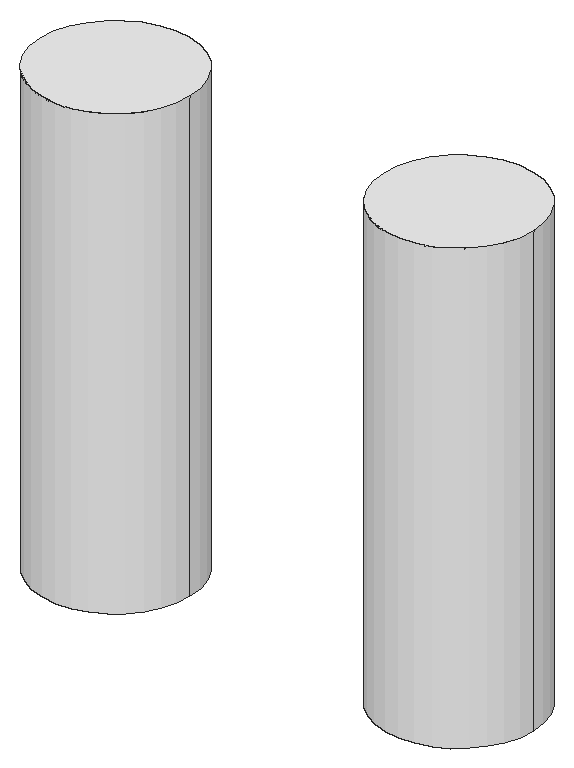
Revit family "1003F(2017)", category Plumbing Fixtures, Revit 2020
Family settings
  Round Connector Dimension = Use Diameter
  Part Type = Normal
  OmniClass Number = 23.45.55.00
  OmniClass Title = Sanitary Faucets, Wastes
  Work Plane-Based = No
  Always vertical = Yes
  Cut with Voids When Loaded = No
  Shared = No
  Room Calculation Point = No
Parameters (values of type "1003F Washbasin faucet for summer house")
  Working Pressure = "50 - 1000 kPa"
  WarrantyStartDate [instance] = "n/a"
  WarrantyGuarantorParts = "n/a"
  WarrantyGuarantorLabor = "n/a"
  WarrantyDurationUnit = "Year"
  WarrantyDurationParts = "n/a"
  WarrantyDurationLabor = "n/a"
  WarrantyDescription = "http://warranty.oras.com"
  Warranty Information URL = "http://warranty.oras.com"
  VersionDate = "20/08/2024"
  Version = "1"
  ValvePattern = "n/a"
  ValveOperation = "n/a"
  ValveMechanism = "n/a"
  VVS Number = "701645604"
  Usage Group = "Sweden"
  Uniclass2015Reference = "Pr_40_20_87_96"
  Uniclass2015Description = "Washbasin manual water supply sets"
  Uniclass2 = "Pr_40_30_96_96"
  URL UWL = "http://static.oras.com/UWL/1003F"
  URL REACH = "http://static.oras.com/doc/reach"
  URL EcoLabel Declaration = "http://static.oras.com/doc/EcoLabel"
  URL EU Packaging Declaration = "http://static.oras.com/doc/packaging"
  URL Declaration of SCIP = "http://static.oras.com/doc/SCIP"
  URL Declaration of Conformity = "http://static.oras.com/DoC/1003F"
  URL Declaration of Asbestos = "http://static.oras.com/doc/asbestos"
  URL Declaration Of Performance (DOP) = "http://static.oras.com/doc/DoP"
  URL = ""
  UNSPSC Class Number = "30181700 Faucets or taps"
  TestPressure = "n/a"
  Temperature Adjustments = "Limitation option for maximum temperature and flow-rate "
  Temperature = "Temperature limiter"
  Technical DataSheet URL = "http://www.oras.com/datasheet/1003F/en"
  TagNumber [instance] = "n/a"
  SustainabilityPerformance = "n/a"
  Surface treatment = "Chrome"
  Spout Type = "Fixed spout"
  Spout Projection = "107 mm"
  Spare-Part Information URL = "http://static.oras.com/sp/1003F"
  Size = "Faucet: 58x144x147 mm / Heater: 255x213x418 mm"
  Shape = "Sculptured"
  SerialNumber [instance] = "n/a"
  Sales Package dimensions (LxWxH) = "456 x 275 x 308"
  Revision = "n/a"
  ReplacementCost = "n/a"
  RSK Number = "8277678"
  ProductInformation = "Washbasin faucet with disinfection wash proof Bidetta shower set"
  Product URL = "http://static.oras.com/1003F"
  Product Image URL = "http://static.oras.com/image/1003F"
  Product Family = "Oras Safira "
  Product Code = "1003F"
  Pressure Loss With Flow 01ls = 435000.0 Pa
  OperatingMechanismMaterial = "n/a"
  Noise Class = "I (ISO 3822)"
  Name_en = "1003F Washbasin faucet for summer house"
  Name = "1003F Washbasin faucet for summer house"
  NRF Number = "4200167"
  NBSReference = "45-35-70/371"
  NBSDescription = "Water supply fittings for wash basins and troughs"
  Mounting Holes = "1 hole"
  ModelReference = "1003F"
  ModelNumber = "n/a"
  Model = "1003F Washbasin faucet for summer house"
  Mobile Product Information URL = "http://mpi.oras.com/1003F"
  Mechanical Parts = "Litter filter(s);ø 40 mm ceramic cartridge for flow and temperature control"
  Max. Hot Water Supply = 70 °C
  Material = "Brass"
  Market = "International;Denmark;Estonia;Finland;Latvia;Lithuania;Norway;Poland;Russia;Sweden;Ukraine"
  ManufacturerURL = "http://www.oras.com"
  ManufacturerName = "Oras"
  Manufacturer = "Oras"
  Long Marketing = "Washbasin faucet for summer house and water heater. Fixed spout and aerator. Maximum flow-rate 5 l/min. Due to the heating of water, water dripping from the aerator is a feature of this product and should not prevented. The aerator may not be changed or supplemented with additional components. Plug in, unpressurized water heater, 5 l. Easy to install. Range of use +35° – 85°C (recommendation + 65°C). In order to prevent frost damage, the faucet and the water heater must be emptied. This water heater is only allowed to operate with the original Oras summer house faucet. Warning! Water heater can heat the water up to +85°C. Beware of the instant scalding hot water from the faucet. The faucet and the water heater should not be installed separately."
  Lever Handle = "Single operating lever/handle;Hot/Cold symbols"
  LVI Number = "6110193"
  Interactive AR View URL = "https://static.oras.com/AR/1003F"
  InstallationDate [instance] = "n/a"
  Installation and Maintenance Guide URL = "http://static.oras.com/manual/1003F"
  Installation Type = "Deck mounted"
  InletConnectionSize = 10 mm
  IfcExportType = "FAUCET"  # constant formula
  IfcExportAs = "IfcValveType"  # constant formula
  HeaterVisibility [instance] = yes
  HeaterNominalWidth = 255 mm
  HeaterNominalHeight = 418.2 mm
  HeaterNominalDepth = 213 mm
  HeaterDefaultElevation [instance] = 200 mm
  HWFU = 0
  Group = "Washbasin faucet"
  Grade = "n/a"
  FlowCoefficient = 0
  Flow Rate At 300kPa = 0.083 L/s
  Flow Drawing URL = "http://static.oras.com/flowchart/1003F"
  Finish = "Polished"
  Features = "Single-lever;Low pressure"
  FaucetNominalWidth = 58 mm
  FaucetNominalHeight = 147 mm
  FaucetNominalDepth = 144 mm
  FaucetMainMaterial = Brass
  FaucetDefaultElevation [instance] = 900 mm
  FDV Document URL = "http://www.oras.com/datasheet/1003F/en/fdv"
  Extensions = "Water heater unit;Chain holder without chain"
  ExpectedLife = "n/a"
  ETIM Class Number = "EC011328 Washbasin mixing tap"
  EN Standard = "EN 817"
  EAN Number = "6414150078538"
  DurationUnit = "Year"
  DistanceY-Axis [instance] = 100 mm
  DistanceX-Axis [instance] = 200 mm
  Dimension Drawing URL = "http://static.oras.com/dimdrw/1003F"
  Description = ""
  Default Elevation = 0 mm
  Constituents = "n/a"
  Connection Size = "G3/8"
  Connection = "Flexible inlet pipes"
  Color = "Chrome"
  CodePerformance = "n/a"
  CloseOffRating = 0
  Category B2C = "Washbasin"
  Catalog Drawing URL = "http://static.oras.com/catdrw/1003F"
  Brand = "Oras"
  BodyMaterial = "Brass"
  Barcode [instance] = "n/a"
  Backflow Prevention EN1717 = "AA"
  BIMObjectName = "1003F(2017)"
  Author = "BIMStone"
  AssetType = "Fixed"
  AssetIdentifier [instance] = "n/a"
  Advanced Features = "3S-installation system for safe and simple mounting"
  AccessibilityPerformance = "n/a"
  3D View = "https://static.oras.com/3D/1003F"
  2D/3D/BIM Files URL = "http://static.oras.com/bim/1003F"
Reference planes
  plane 1 "Center (Front/Back)": y = 0
  plane 2: z = 0
  plane 3 "Center (Left/Right)": x = 0
  plane 4: x = -29
  plane 5: x = 29
  plane 6: z = 900
  plane 7: z = 870
  plane 8: x = 200
  plane 9: y = -113
  plane 10: y = 100
  plane 11: z = 200
  plane 12: z = 618.2
  plane 13: y = -144
  plane 14: z = 1047
  plane 15: x = 72.5
  plane 16: x = 327.5
Forms (mm)
  Extrusion 1, solid, material "Brass" <- "FaucetMainMaterial"
    sketch origin (0, 4.9, 0) x (1, 0, 0) y (0, 1, 0)
      loop
        circle (-11.5, -29) r 5
      loop
        circle (11.5, -29) r 5
    from 870 to 900
Dimensions and locks
  equal spacing: plane 4, plane 3 "Center (Left/Right)", plane 5, locked at 29 each
  "FaucetDefaultElevation": plane 6 to level
  locked: plane 6 to plane 7 at 30
  "FaucetNominalWidth": plane 4 to plane 5
  "HeaterNominalDepth": plane 10 to plane 9
  "DistanceX-Axis": plane 3 "Center (Left/Right)" to plane 8
  "HeaterNominalHeight": plane 12 to plane 11
  "HeaterDefaultElevation": plane 11 to level
  "DistanceY-Axis": plane 10 to plane 1 "Center (Front/Back)"
  "FaucetNominalDepth": plane 13 to plane 1 "Center (Front/Back)"
  "FaucetNominalHeight": plane 14 to plane 6
  equal spacing: plane 15, plane 8, plane 16
  "HeaterNominalWidth": plane 15 to plane 16
  "InletConnectionSize": diameter of Extrusion 1 sketch curve  (x2)
  aligned and locked: level to plane 2
  aligned and locked: plane 6 to Extrusion 1
  aligned and locked: Extrusion 1 to plane 7
  aligned and locked: nested 2 to plane 10
  aligned and locked: plane 8 to nested 2
  aligned and locked: plane 8 to nested 3
  aligned and locked: plane 3 "Center (Left/Right)" to nested 4
  aligned and locked: plane 1 "Center (Front/Back)" to nested 4
  aligned and locked: nested 4 to plane 6
  aligned and locked: nested 3 to plane 10
  aligned and locked: nested 3 to plane 11
Automatic sketch dimensions
  Extrusion 1 sketch curve to plane 3 "Center (Left/Right)" = 11.5 mm
  plane 3 "Center (Left/Right)" to Extrusion 1 sketch curve = 11.5 mm
  plane 1 "Center (Front/Back)" to Extrusion 1 sketch curve = 24.1 mm
  Extrusion 1 sketch curve to Extrusion 1 sketch curve = 0 mm
Nested families
  nested 1: "Symbol" at (0, 0, 0), type "Symbol", detail levels coarse
  nested 2: "Symbol" at (200, 100, 0), type "Symbol", detail levels coarse
  nested 3: "1003F_Heater" at (200, -6.5, 200), visible <- "HeaterVisibility", type "1003F_Heater"
  nested 4: "1003F_p" at (0, 0, 900), Material <- "FaucetMainMaterial", type "1003F_p"
    with Material Brass
Connectors
  piping at (-11.5, -24.1, 870), diameter 10, driven by "InletConnectionSize"
    settings: on Extrusion 1, index 1, connector inside diameter 609.6 mm, connector length 0 mm, flow factor 0, pipe flow 0.0 L/s, pressure drop 0.0 Pa, fitting loss kfactor 0, connector angle 0.00°, fixture units 0, engagement length 0 mm, angle of deflection 0.00°, flow configuration 1, flow direction 1, fitting loss method 0, system type 19, joint type 0, gender type 0, connector reference index -1, connector utility 0, adjustable connector no, is connector primary yes, connector description ""
  piping at (11.5, -24.1, 870), diameter 10, driven by "InletConnectionSize"
    settings: on Extrusion 1, index 2, connector inside diameter 609.6 mm, connector length 0 mm, flow factor 0, pipe flow 0.0 L/s, pressure drop 0.0 Pa, fitting loss kfactor 0, connector angle 0.00°, fixture units 0, engagement length 0 mm, angle of deflection 0.00°, flow configuration 1, flow direction 1, fitting loss method 0, system type 20, joint type 0, gender type 0, connector reference index -1, connector utility 0, adjustable connector no, is connector primary no, connector description ""
  piping at (150, 32, 618.2), diameter 10, driven by "InletConnectionSize"
    settings: on nested 3, index 3, connector inside diameter 609.6 mm, connector length 0 mm, flow factor 0, pipe flow 0.0 L/s, pressure drop 0.0 Pa, fitting loss kfactor 0, connector angle 0.00°, fixture units 0, engagement length 0 mm, angle of deflection 0.00°, flow configuration 1, flow direction 2, fitting loss method 0, system type 19, joint type 0, gender type 0, connector reference index -1, connector utility 0, adjustable connector no, is connector primary no, connector description ""
  piping at (250, 32, 618.2), diameter 10, driven by "InletConnectionSize"
    settings: on nested 3, index 4, connector inside diameter 609.6 mm, connector length 0 mm, flow factor 0, pipe flow 0.0 L/s, pressure drop 0.0 Pa, fitting loss kfactor 0, connector angle 0.00°, fixture units 0, engagement length 0 mm, angle of deflection 0.00°, flow configuration 1, flow direction 1, fitting loss method 0, system type 20, joint type 0, gender type 0, connector reference index -1, connector utility 0, adjustable connector no, is connector primary no, connector description ""
Definition of nested family "Symbol"
  Reference planes
    plane 1: y = 0
    plane 2: x = 0
  Lines and regions (mm)
    detail lines
      curve 1: line (0, 0, 0) -> (0, -1.8, 0)
      curve 2: line (-0.4, -1.1, 0) -> (0.4, -1.1, 0)
      curve 3: line (-0.4, -1.4, 0) -> (0.4, -1.4, 0)
      curve 4: line (0.863, 0, 0) -> (-0.863, 0, 0)
      curve 5: circle (-1.163, 0, 0) r 0.3 normal (0, 0, -1)
      curve 6: circle (1.163, 0, 0) r 0.3 normal (0, 0, 1)
Definition of nested family "1003F_Heater"
  Parameters (values of type "1003F_Heater")
    Default Elevation = 0 mm
  Reference planes
    plane 1 "Center (Front/Back)": y = 0
    plane 2: z = 0
    plane 3 "Center (Left/Right)": x = 0
    plane 4: z = 418.2
    plane 5: y = 106.5
    plane 6: y = -106.5
    plane 7: x = -127.5
    plane 8: x = 127.5
  Forms (mm)
    Extrusion 1, solid, detail levels medium
      sketch origin (0, 0, 0) x (1, 0, 0) y (0, 1, 0)
        loop
          arc (-123.28, -82.346) -> (-117.845, -95.367) -> (-105.167, -101.56) r 20
          arc (-105.167, -101.56) -> (0, -106.5) -> (105.167, -101.56) r 1121.865
          arc (105.167, -101.56) -> (117.845, -95.367) -> (123.28, -82.346) r 20
          line (123.28, -82.346) -> (127.5, 38.5) -> (-127.5, 38.5) -> (-123.28, -82.346)
      from 0 to 389.992
    Extrusion 2, solid, detail levels medium
      sketch origin (0, 0, 0) x (1, 0, 0) y (0, 1, 0)
        loop
          line (-107.693, 104.57) -> (-110, 38.5) -> (110, 38.5) -> (107.693, 104.57)
          arc (107.693, 104.57) -> (107.083, 105.939) -> (105.694, 106.5) r 2
          line (105.694, 106.5) -> (-105.694, 106.5)
          arc (-105.694, 106.5) -> (-107.083, 105.939) -> (-107.693, 104.57) r 2
      from 5.314 to 382.736
    Revolve 3, solid, detail levels medium
      sketch origin (0, 38.5, 0) x (1, 0, 0) y (0, 0, 1)
        loop
          line (-50, 418.2) -> (-58.25, 418.2) -> (-58.25, 408) -> (-62.75, 408) -> (-62.75, 396.5) -> (-50, 396.5) -> (-50, 418.2)
        axis (-50, 418.2) -> (-50, 396.5)
      angle from 0 to 360
    Revolve 4, solid, detail levels medium
      sketch origin (0, 38.5, 0) x (1, 0, 0) y (0, 0, 1)
        loop
          line (-50, 396.5) -> (-64.15, 396.5) -> (-66.173, 394.477) -> (-66.173, 382.736) -> (-50, 382.736) -> (-50, 396.5)
        axis (-50, 396.5) -> (-50, 382.736)
      angle from 0 to 360
    Extrusion 5, solid, detail levels coarse
      sketch origin (0, 0, 0) x (1, 0, 0) y (0, 1, 0)
        loop
          line (-127.5, 106.5) -> (-127.5, -106.5) -> (127.5, -106.5) -> (127.5, 106.5) -> (-127.5, 106.5)
      from 0 to 418.2
    Revolve 6, solid, detail levels medium
      sketch origin (0, 38.5, 0) x (-1, 0, 0) y (0, 0, -1)
        loop
          line (-50, -418.2) -> (-50, -396.5) -> (-62.75, -396.5) -> (-62.75, -408) -> (-58.25, -408) -> (-58.25, -418.2) -> (-50, -418.2)
        axis (-50, -418.2) -> (-50, -396.5)
      angle from 0 to 360
    Revolve 7, solid, detail levels medium
      sketch origin (0, 38.5, 0) x (-1, 0, 0) y (0, 0, -1)
        loop
          line (-50, -396.5) -> (-50, -382.736) -> (-66.173, -382.736) -> (-66.173, -394.477) -> (-64.15, -396.5) -> (-50, -396.5)
        axis (-50, -396.5) -> (-50, -382.736)
      angle from 0 to 360
  Cuts and joins
    joined: Extrusion 1, Extrusion 2, Revolve 4, Revolve 7
  Lines and regions (mm)
    symbolic lines, detail levels medium+fine
      curve 1: line (0, 104.57, 9.307) -> (0, 40.43, 7.067)
      curve 2: line (0, 106.5, 11.306) -> (0, 106.5, 378.647)
      curve 3: line (0, 104.57, 380.646) -> (0, 54.673, 382.389)
      curve 4: line (0, 54.673, 394.477) -> (0, 54.673, 382.389)
      curve 5: line (0, 54.673, 394.477) -> (0, 52.65, 396.5)
      curve 6: line (0, 51.25, 396.5) -> (0, 51.25, 408)
      curve 7: line (0, 51.25, 396.5) -> (0, 52.65, 396.5)
      curve 8: line (0, 51.25, 408) -> (0, 46.75, 408)
      curve 9: line (0, 46.75, 408) -> (0, 46.75, 418.2)
      curve 10: line (0, 46.75, 418.2) -> (0, 30.25, 418.2)
      curve 11: line (0, 30.25, 418.2) -> (0, 30.25, 408)
      curve 12: line (0, 30.25, 408) -> (0, 25.75, 408)
      curve 13: line (0, 25.75, 408) -> (0, 25.75, 396.5)
      curve 14: line (0, 25.75, 396.5) -> (0, 24.35, 396.5)
      curve 15: line (0, 24.35, 396.5) -> (0, 22.327, 394.477)
      curve 16: line (0, 22.327, 394.477) -> (0, 22.327, 389.144)
      curve 17: line (0, 22.327, 389.144) -> (0, -103.657, 382.542)
      curve 18: line (0, -106.5, 379.546) -> (0, -106.5, 373.554)
      curve 19: line (0, -106.5, 373.554) -> (0, -104.678, 373.554)
      curve 20: line (0, -104.678, 373.554) -> (0, -104.678, 368.554)
      curve 21: line (0, -104.678, 368.554) -> (0, -105.5, 368.554)
      curve 22: line (0, -105.5, 368.554) -> (0, -105.5, 311.5)
      curve 23: line (0, -105.5, 311.5) -> (0, -104.669, 311.5)
      curve 24: line (0, -104.669, 311.5) -> (0, -104.669, 283.779)
      curve 25: line (0, -106.5, 274.171) -> (0, -104.669, 283.779)
      curve 26: line (0, -106.5, 274.171) -> (0, -106.5, 26.243)
      curve 27: line (0, -81.5, 0) -> (0, -105.621, 24.121)
      curve 28: arc (0, -106.5, 26.243) -> (0, -106.272, 25.095) -> (0, -105.621, 24.121) r 3
      curve 29: line (0, -81.5, 0) -> (0, 38.5, 0)
      curve 30: line (0, 38.5, 0) -> (0, 38.5, 5.069)
      curve 31: arc (0, 40.43, 7.067) -> (0, 39.061, 6.458) -> (0, 38.5, 5.069) r 2
      curve 32: arc (0, 106.5, 11.306) -> (0, 105.939, 9.917) -> (0, 104.57, 9.307) r 2
      curve 33: arc (0, 104.57, 380.646) -> (0, 105.939, 380.037) -> (0, 106.5, 378.647) r 2
      curve 34: arc (0, -106.5, 379.546) -> (0, -105.676, 381.611) -> (0, -103.657, 382.542) r 3
      curve 47: line (-66.033, 0, 390.053) -> (-124.5, 0, 390.053)
      curve 48: line (-64, 0, 396.5) -> (-66.033, 0, 394.467)
      curve 49: line (-66.033, 0, 394.467) -> (-66.033, 0, 390.053)
      curve 50: line (-64, 0, 396.5) -> (-62.6, 0, 396.5)
      curve 51: line (-62.6, 0, 398.5) -> (-62.6, 0, 396.5)
      curve 52: line (-62.6, 0, 398.5) -> (-60.75, 0, 398.5)
      curve 53: line (-60.75, 0, 398.5) -> (-60.75, 0, 408)
      curve 54: line (-60.75, 0, 408) -> (-58.1, 0, 408)
      curve 55: line (-58.1, 0, 418.2) -> (-58.1, 0, 408)
      curve 56: line (-35.7, 0, 396.5) -> (-33.667, 0, 394.467)
      curve 57: line (-33.667, 0, 394.467) -> (-33.667, 0, 390.053)
      curve 58: line (-35.7, 0, 396.5) -> (-37.1, 0, 396.5)
      curve 59: line (-37.1, 0, 398.5) -> (-37.1, 0, 396.5)
      curve 60: line (-37.1, 0, 398.5) -> (-38.95, 0, 398.5)
      curve 61: line (-38.95, 0, 398.5) -> (-38.95, 0, 408)
      curve 62: line (-38.95, 0, 408) -> (-41.6, 0, 408)
      curve 63: line (-41.6, 0, 418.2) -> (-41.6, 0, 408)
      curve 64: line (-58.1, 0, 418.2) -> (-41.6, 0, 418.2)
      curve 65: line (-127.5, 0, 387.053) -> (-127.5, 0, 3)
      curve 66: line (-124.5, 0, 0) -> (124.5, 0, 0)
      curve 67: arc (-127.5, 0, 3) -> (-126.621, 0, 0.879) -> (-124.5, 0, 0) r 3
      curve 68: arc (-124.5, 0, 390.053) -> (-126.621, 0, 389.174) -> (-127.5, 0, 387.053) r 3
      curve 69: line (66.033, 0, 390.053) -> (124.5, 0, 390.053)
      curve 70: line (64, 0, 396.5) -> (66.033, 0, 394.467)
      curve 71: line (66.033, 0, 394.467) -> (66.033, 0, 390.053)
      curve 72: line (64, 0, 396.5) -> (62.6, 0, 396.5)
      curve 73: line (62.6, 0, 398.5) -> (62.6, 0, 396.5)
      curve 74: line (62.6, 0, 398.5) -> (60.75, 0, 398.5)
      curve 75: line (60.75, 0, 398.5) -> (60.75, 0, 408)
      curve 76: line (60.75, 0, 408) -> (58.1, 0, 408)
      curve 77: line (58.1, 0, 418.2) -> (58.1, 0, 408)
      curve 78: line (35.7, 0, 396.5) -> (33.667, 0, 394.467)
      curve 79: line (33.667, 0, 394.467) -> (33.667, 0, 390.053)
      curve 80: line (35.7, 0, 396.5) -> (37.1, 0, 396.5)
      curve 81: line (37.1, 0, 398.5) -> (37.1, 0, 396.5)
      curve 82: line (37.1, 0, 398.5) -> (38.95, 0, 398.5)
      curve 83: line (38.95, 0, 398.5) -> (38.95, 0, 408)
      curve 84: line (38.95, 0, 408) -> (41.6, 0, 408)
      curve 85: line (41.6, 0, 418.2) -> (41.6, 0, 408)
      curve 86: line (58.1, 0, 418.2) -> (41.6, 0, 418.2)
      curve 87: line (127.5, 0, 387.053) -> (127.5, 0, 3)
      curve 88: arc (127.5, 0, 3) -> (126.621, 0, 0.879) -> (124.5, 0, 0) r 3
      curve 89: arc (124.5, 0, 390.053) -> (126.621, 0, 389.174) -> (127.5, 0, 387.053) r 3
      curve 90: line (-33.667, 0, 390.053) -> (33.667, 0, 390.053)
      curve 125: line (-107.693, 104.57, 0) -> (-109.933, 40.43, 0)
      curve 126: line (-105.694, 106.5, 0) -> (105.694, 106.5, 0)
      curve 127: line (109.933, 40.43, 0) -> (107.693, 104.57, 0)
      curve 128: arc (-105.694, 106.5, 0) -> (-107.083, 105.939, 0) -> (-107.693, 104.57, 0) r 2
      curve 129: arc (107.693, 104.57, 0) -> (107.083, 105.939, 0) -> (105.694, 106.5, 0) r 2
      curve 130: line (-127.5, 38.5, 0) -> (-111.931, 38.5, 0)
      curve 131: line (127.5, 38.5, 0) -> (111.931, 38.5, 0)
      curve 132: line (-127.5, 38.5, 0) -> (-123.28, -82.346, 0)
      curve 133: arc (-123.28, -82.346, 0) -> (-117.845, -95.367, 0) -> (-105.167, -101.56, 0) r 20
      curve 134: arc (-105.167, -101.56, 0) -> (0, -106.5, 0) -> (105.167, -101.56, 0) r 1121.865
      curve 135: arc (105.167, -101.56, 0) -> (117.845, -95.367, 0) -> (123.28, -82.346, 0) r 20
      curve 136: line (123.28, -82.346, 0) -> (127.5, 38.5, 0)
      curve 137: arc (-109.933, 40.43, 0) -> (-110.542, 39.061, 0) -> (-111.931, 38.5, 0) r 2
      curve 138: arc (109.933, 40.43, 0) -> (110.542, 39.061, 0) -> (111.931, 38.5, 0) r 2
    symbolic lines, detail levels fine
      curve 35: line (0, 46.75, 408) -> (0, 30.25, 408)
      curve 36: line (0, 51.25, 396.5) -> (0, 25.75, 396.5)
      curve 37: line (0, 45.115, 398.5) -> (0, 45.115, 408)
      curve 38: line (0, 31.885, 398.5) -> (0, 31.885, 408)
      curve 39: line (0, 31.885, 398.5) -> (0, 45.115, 398.5)
      curve 40: line (0, 54.673, 394.477) -> (0, 22.327, 394.477)
      curve 41: line (0, 54.673, 382.389) -> (0, 40.426, 382.886)
      curve 42: line (0, 38.5, 390) -> (0, 38.5, 5.069)
      curve 43: line (0, 40.43, 7.067) -> (0, 40.43, 382.886)
      curve 44: arc (0, 40.426, 382.886) -> (0, 39.013, 383.542) -> (0, 38.5, 385.013) r 2
      curve 45: line (0, 38.5, 390) -> (0, 22.327, 389.144)
      curve 46: line (0, -104.678, 368.554) -> (0, -104.669, 311.5)
      curve 91: line (-58.1, 0, 408) -> (-41.6, 0, 408)
      curve 92: line (-62.6, 0, 396.5) -> (-37.1, 0, 396.5)
      curve 93: line (-66.033, 0, 394.467) -> (-33.667, 0, 394.467)
      curve 94: arc (-66.033, 0, 390.053) -> (-49.85, 0, 389.244) -> (-33.667, 0, 390.053) r 162.296
      curve 95: line (58.1, 0, 408) -> (41.6, 0, 408)
      curve 96: line (62.6, 0, 396.5) -> (37.1, 0, 396.5)
      curve 97: line (66.033, 0, 394.467) -> (33.667, 0, 394.467)
      curve 98: arc (66.033, 0, 390.053) -> (49.85, 0, 389.244) -> (33.667, 0, 390.053) r 162.296
      curve 99: line (-66, 0, 373.554) -> (66, 0, 373.554)
      curve 100: line (66, 0, 373.554) -> (66, 0, 283.554)
      curve 101: line (-66, 0, 373.554) -> (-66, 0, 283.554)
      curve 102: arc (-66, 0, 283.554) -> (0, 0, 274.025) -> (66, 0, 283.554) r 233.334
      curve 103: arc (-66, 0, 284.951) -> (0, 0, 276.133) -> (66, 0, 284.951) r 251.399
      curve 104: circle (0, 0, 340) r 28.5 normal (0, -1, 0)
      curve 105: line (-6, 0, 362.721) -> (-6, 0, 317.279)
      curve 106: line (6, 0, 317.279) -> (6, 0, 362.721)
      curve 107: arc (-6, 0, 362.721) -> (-23.086, 0, 340) -> (-6, 0, 317.279) r 23.651
      curve 108: arc (6, 0, 362.721) -> (23.086, 0, 340) -> (6, 0, 317.279) r 23.651
      curve 109: line (-123.24, 0, 56.504) -> (-125.628, 0, 3.041)
      curve 110: arc (-110.142, 0, 44.599) -> (-115.999, 0, 50.536) -> (-121.139, 0, 57.102) r 72.94
      curve 111: arc (-121.139, 0, 57.102) -> (-122.403, 0, 57.554) -> (-123.24, 0, 56.504) r 1.154
      curve 112: arc (-82.817, 0, 30.097) -> (-97.38, 0, 35.651) -> (-110.142, 0, 44.599) r 63.238
      curve 113: arc (110.142, 0, 44.599) -> (115.999, 0, 50.536) -> (121.139, 0, 57.102) r 72.94
      curve 114: arc (121.139, 0, 57.102) -> (122.403, 0, 57.554) -> (123.24, 0, 56.504) r 1.154
      curve 115: arc (82.817, 0, 30.097) -> (97.38, 0, 35.651) -> (110.142, 0, 44.599) r 63.238
      curve 116: arc (82.817, 0, 30.097) -> (0, 0, 20.076) -> (-82.817, 0, 30.097) r 347.239
      curve 117: arc (-125.628, 0, 3.041) -> (-124.936, 0, 1.015) -> (-123.05, 0, 0) r 2.931
      curve 118: line (123.24, 0, 56.504) -> (125.628, 0, 3.041)
      curve 119: arc (125.628, 0, 3.041) -> (124.936, 0, 1.015) -> (123.05, 0, 0) r 2.931
      curve 120: line (-123.24, 0, 56.504) -> (-123.24, 0, 380.71)
      curve 121: line (123.24, 0, 56.504) -> (123.24, 0, 380.71)
      curve 122: line (-123.24, 0, 380.71) -> (-127.5, 0, 387.053)
      curve 123: line (123.24, 0, 380.71) -> (127.5, 0, 387.053)
      curve 124: arc (-123.24, 0, 380.71) -> (0, 0, 379.324) -> (123.24, 0, 380.71) r 5480.134
      curve 139: line (-111.931, 38.5, 0) -> (-66.023, 38.5, 0)
      curve 140: arc (-66.023, 38.5, 0) -> (-49.85, 54.673, 0) -> (-33.677, 38.5, 0) r 16.173
      curve 141: arc (-33.677, 38.5, 0) -> (-49.85, 22.327, 0) -> (-66.023, 38.5, 0) r 16.173
      curve 142: arc (33.677, 38.5, 0) -> (49.85, 22.327, 0) -> (66.023, 38.5, 0) r 16.173
      curve 143: arc (66.023, 38.5, 0) -> (49.85, 54.673, 0) -> (33.677, 38.5, 0) r 16.173
      curve 144: line (-33.677, 38.5, 0) -> (33.677, 38.5, 0)
      curve 145: line (66.023, 38.5, 0) -> (111.931, 38.5, 0)
      curve 146: arc (-35.7, 38.5, 0) -> (-49.85, 52.65, 0) -> (-64, 38.5, 0) r 14.15
      curve 147: arc (-64, 38.5, 0) -> (-49.85, 24.35, 0) -> (-35.7, 38.5, 0) r 14.15
      curve 148: arc (-62.6, 38.5, 0) -> (-49.85, 51.25, 0) -> (-37.1, 38.5, 0) r 12.75
      curve 149: arc (-37.1, 38.5, 0) -> (-49.85, 25.75, 0) -> (-62.6, 38.5, 0) r 12.75
      curve 150: arc (-58.1, 38.5, 0) -> (-49.85, 46.75, 0) -> (-41.6, 38.5, 0) r 8.25
      curve 151: arc (-41.6, 38.5, 0) -> (-49.85, 30.25, 0) -> (-58.1, 38.5, 0) r 8.25
      curve 152: line (-60.75, 45.115, 0) -> (-60.75, 31.885, 0)
      curve 153: line (-38.95, 31.885, 0) -> (-38.95, 45.115, 0)
      curve 154: arc (35.7, 38.5, 0) -> (49.85, 52.65, 0) -> (64, 38.5, 0) r 14.15
      curve 155: arc (64, 38.5, 0) -> (49.85, 24.35, 0) -> (35.7, 38.5, 0) r 14.15
      curve 156: arc (62.6, 38.5, 0) -> (49.85, 51.25, 0) -> (37.1, 38.5, 0) r 12.75
      curve 157: arc (37.1, 38.5, 0) -> (49.85, 25.75, 0) -> (62.6, 38.5, 0) r 12.75
      curve 158: arc (58.1, 38.5, 0) -> (49.85, 46.75, 0) -> (41.6, 38.5, 0) r 8.25
      curve 159: arc (41.6, 38.5, 0) -> (49.85, 30.25, 0) -> (58.1, 38.5, 0) r 8.25
      curve 160: line (60.75, 45.115, 0) -> (60.75, 31.885, 0)
      curve 161: line (38.95, 31.885, 0) -> (38.95, 45.115, 0)
  Dimensions and locks
    aligned and locked: level to plane 2
Definition of nested family "1003F_p"
  Parameters (values of type "1003F_p")
    Material [instance] = none
    Default Elevation = 0 mm
  Reference planes
    plane 1 "Center (Front/Back)": y = 0
    plane 2: z = 0
    plane 3 "Center (Left/Right)": x = 0
    plane 4: x = -25
    plane 5: y = -144
    plane 6: x = 25
    plane 7: z = 147
  Forms (mm)
    Extrusion 1, solid, material <- "Material", detail levels medium
      sketch origin (0, 0, -900) x (0, 1, 0) y (0, 0, 1)
        loop
          line (0, 900) -> (-4.65, 1033.166) -> (-21.258, 1037.929) -> (-35.272, 1041.164) -> (-54.163, 1044.495) -> (-70.855, 1046.249) -> (-80.006, 1046.729) -> (-90.749, 1047) -> (-95.31, 1046.864) -> (-105.294, 1046.29) -> (-114.802, 1045.122) -> (-115.586, 1044.822) -> (-116.089, 1044.177) -> (-116.133, 1043.332) -> (-115.795, 1042.572) -> (-115.279, 1041.912) -> (-114.644, 1041.379) -> (-113.946, 1040.96) -> (-113.029, 1040.589) -> (-112.085, 1040.318) -> (-111.268, 1040.16) -> (-110.331, 1040.028) -> (-109.264, 1039.935) -> (-108.191, 1039.878) -> (-106.526, 1039.849) -> (-103.479, 1039.902) -> (-93.9, 1039.902) -> (-87.463, 1039.678) -> (-79.918, 1039.15) -> (-75.457, 1038.681) -> (-67.906, 1037.888) -> (-63.724, 1037.3) -> (-60.864, 1036.795) -> (-59.077, 1036.416) -> (-57.461, 1035.891) -> (-56.127, 1035.269) -> (-54.936, 1034.495) -> (-53.901, 1033.346) -> (-52.982, 1032.034) -> (-52.419, 1030.486) -> (-52.109, 1028.726) -> (-51.942, 1026.816) -> (-52.865, 1000.367) -> (-142.07, 997.252)
          arc (-142.07, 997.252) -> (-143.439, 996.643) -> (-144, 995.253) r 2
          line (-144, 995.253) -> (-144, 993.185)
          arc (-144, 993.185) -> (-142.89, 987.494) -> (-139.721, 982.638) r 15.139
          line (-139.721, 982.638) -> (-141.569, 978.284) -> (-119.579, 968.949) -> (-116.35, 976.557) -> (-74.555, 975.827)
          arc (-74.555, 975.827) -> (-57.468, 968.663) -> (-50.006, 951.704) r 25
          line (-50.006, 951.704) -> (-48.201, 900) -> (0, 900)
      from -25 to 25
    Extrusion 2, solid, material <- "Material", detail levels coarse
      sketch origin (0, 0, -900) x (1, 0, 0) y (0, 1, 0)
        loop
          line (-25, -144) -> (25, -144) -> (25, 0) -> (-25, 0) -> (-25, -144)
      from 900 to 1047
    Extrusion 3, solid, material <- "Material", detail levels medium
      sketch origin (0, 0, 0) x (1, 0, 0) y (0, 0, 1)
        loop
          arc (2.738, 37.534) -> (0, 39.531) -> (-2.738, 37.534) r 2.875
          arc (-2.738, 37.534) -> (-3.983, 29.786) -> (-2.872, 22.017) r 26.136
          arc (-2.872, 22.017) -> (0, 19.883) -> (2.872, 22.017) r 3
          arc (2.872, 22.017) -> (3.983, 29.786) -> (2.738, 37.534) r 26.136
      from 0 to 13.556
  Cuts and joins
    joined: Extrusion 1, Extrusion 3
  Lines and regions (mm)
    symbolic lines, detail levels medium+fine
      curve 1: line (-18.113, -129.658, 0) -> (-22.118, -38.494, 0)
      curve 5: line (0, -144, 0) -> (-3.127, -144, 0)
      curve 6: arc (-3.127, -144, 0) -> (-13.498, -139.837, 0) -> (-18.113, -129.658, 0) r 15
      curve 7: arc (25, -25, 0) -> (0, 0, 0) -> (-25, -25, 0) r 25
      curve 8: arc (-25, -25, 0) -> (-24.271, -31.899, 0) -> (-22.118, -38.494, 0) r 33.031
      curve 11: line (18.113, -129.658, 0) -> (22.118, -38.494, 0)
      curve 15: line (0, -144, 0) -> (3.127, -144, 0)
      curve 16: arc (3.127, -144, 0) -> (13.498, -139.837, 0) -> (18.113, -129.658, 0) r 15
      curve 17: arc (25, -25, 0) -> (24.271, -31.899, 0) -> (22.118, -38.494, 0) r 33.031
      curve 22: line (0, 0, 0) -> (0, -48.201, 0)
      curve 23: line (0, -48.201, 0) -> (0, -50.006, 51.704)
      curve 24: line (0, -116.35, 76.557) -> (0, -74.555, 75.827)
      curve 25: arc (0, -74.555, 75.827) -> (0, -57.468, 68.663) -> (0, -50.006, 51.704) r 25
      curve 26: line (0, -119.579, 68.949) -> (0, -141.569, 78.284)
      curve 27: line (0, -116.35, 76.557) -> (0, -119.579, 68.949)
      curve 28: line (0, -139.721, 82.638) -> (0, -141.569, 78.284)
      curve 29: line (0, -49.685, 100.478) -> (0, -142.07, 97.252)
      curve 30: line (0, -144, 95.253) -> (0, -144, 93.185)
      curve 31: arc (0, -144, 93.185) -> (0, -142.89, 87.494) -> (0, -139.721, 82.638) r 15.139
      curve 32: arc (0, -142.07, 97.252) -> (0, -143.439, 96.643) -> (0, -144, 95.253) r 2
      curve 35: arc (0, -3.441, 98.548) -> (0, -4.051, 99.917) -> (0, -5.44, 100.478) r 2
      curve 36: line (0, -52.799, 102.273) -> (0, -49.685, 102.381)
      curve 51: line (0, -49.685, 100.478) -> (0, -49.685, 102.381)
      curve 52: arc (0, -5.44, 100.478) -> (0, -5.888, 103.923) -> (0, -6.88, 107.251) r 21.682
      curve 53: line (0, -6.88, 107.251) -> (0, -2.942, 107.389)
      curve 55: line (0, -52.799, 102.273) -> (0, -51.942, 126.816)
      curve 56: line (0, -51.942, 126.816) -> (0, -52.109, 128.726)
      curve 57: line (0, -52.109, 128.726) -> (0, -52.419, 130.486)
      curve 58: line (0, -52.419, 130.486) -> (0, -52.982, 132.034)
      curve 59: line (0, -52.982, 132.034) -> (0, -53.901, 133.346)
      curve 60: line (0, -53.901, 133.346) -> (0, -54.936, 134.495)
      curve 61: line (0, -54.936, 134.495) -> (0, -56.127, 135.269)
      curve 62: line (0, -56.127, 135.269) -> (0, -57.461, 135.891)
      curve 63: line (0, -57.461, 135.891) -> (0, -59.077, 136.416)
      curve 64: line (0, -59.077, 136.416) -> (0, -60.864, 136.795)
      curve 65: line (0, -60.864, 136.795) -> (0, -63.724, 137.3)
      curve 66: line (0, -63.724, 137.3) -> (0, -67.906, 137.888)
      curve 67: line (0, -67.906, 137.888) -> (0, -75.457, 138.681)
      curve 68: line (0, -75.457, 138.681) -> (0, -79.918, 139.15)
      curve 69: line (0, -79.918, 139.15) -> (0, -87.463, 139.678)
      curve 70: line (0, -87.463, 139.678) -> (0, -93.9, 139.902)
      curve 71: line (0, -93.9, 139.902) -> (0, -103.479, 139.902)
      curve 72: line (0, -103.479, 139.902) -> (0, -106.526, 139.849)
      curve 73: line (0, -106.526, 139.849) -> (0, -108.191, 139.878)
      curve 74: line (0, -108.191, 139.878) -> (0, -109.264, 139.935)
      curve 75: line (0, -109.264, 139.935) -> (0, -110.331, 140.028)
      curve 76: line (0, -110.331, 140.028) -> (0, -111.268, 140.16)
      curve 77: line (0, -111.268, 140.16) -> (0, -112.085, 140.318)
      curve 78: line (0, -112.085, 140.318) -> (0, -113.029, 140.589)
      curve 79: line (0, -113.029, 140.589) -> (0, -113.946, 140.96)
      curve 80: line (0, -113.946, 140.96) -> (0, -114.644, 141.379)
      curve 81: line (0, -114.644, 141.379) -> (0, -115.279, 141.912)
      curve 82: line (0, -115.279, 141.912) -> (0, -115.795, 142.572)
      curve 83: line (0, -115.795, 142.572) -> (0, -116.133, 143.332)
      curve 84: line (0, -116.133, 143.332) -> (0, -116.089, 144.177)
      curve 85: line (0, -116.089, 144.177) -> (0, -115.586, 144.822)
      curve 86: line (0, -115.586, 144.822) -> (0, -114.802, 145.122)
      curve 87: line (0, -114.802, 145.122) -> (0, -105.294, 146.29)
      curve 88: line (0, -105.294, 146.29) -> (0, -95.31, 146.864)
      curve 89: line (0, -95.31, 146.864) -> (0, -90.749, 147)
      curve 90: line (0, -90.749, 147) -> (0, -80.006, 146.729)
      curve 91: line (0, -80.006, 146.729) -> (0, -70.855, 146.249)
      curve 92: line (0, -70.855, 146.249) -> (0, -54.163, 144.495)
      curve 93: line (0, -54.163, 144.495) -> (0, -35.272, 141.164)
      curve 94: line (0, -35.272, 141.164) -> (0, -21.258, 137.929)
      curve 95: line (0, -21.258, 137.929) -> (0, -6.239, 133.622)
      curve 96: line (0, -2.942, 107.389) -> (0, -2.942, 110.335)
      curve 97: line (0, -2.942, 110.335) -> (0, -3.104, 113.434)
      curve 98: line (0, -3.104, 113.434) -> (0, -3.35, 116.947)
      curve 99: line (0, -3.35, 116.947) -> (0, -3.873, 121.92)
      curve 100: line (0, -3.873, 121.92) -> (0, -4.461, 125.258)
      curve 101: line (0, -4.461, 125.258) -> (0, -6.239, 133.622)
      curve 102: line (-25, -0.3, 0) -> (25, -0.3, 0)
      curve 103: line (-25, -0.3, 0) -> (-25, -0.3, 98)
      curve 104: line (-23, -0.3, 100) -> (-21.712, -0.3, 100)
      curve 105: arc (-24.98, -0.3, 104.895) -> (-22.629, -0.3, 124.88) -> (-16.454, -0.3, 144.033) r 103.47
      curve 106: line (-22.98, -0.3, 102.855) -> (-21.712, -0.3, 102.855)
      curve 107: line (0, -0.3, 147) -> (-5, -0.3, 147)
      curve 108: arc (-5, -0.3, 147) -> (-9.189, -0.3, 146.85) -> (-13.356, -0.3, 146.4) r 58.445
      curve 109: arc (-13.356, -0.3, 146.4) -> (-15.213, -0.3, 145.619) -> (-16.454, -0.3, 144.033) r 4
      curve 110: line (-21.712, -0.3, 100) -> (-21.712, -0.3, 102.855)
      curve 113: arc (-22.98, -0.3, 102.855) -> (-24.408, -0.3, 103.455) -> (-24.98, -0.3, 104.895) r 2
      curve 114: arc (-23, -0.3, 100) -> (-24.414, -0.3, 99.414) -> (-25, -0.3, 98) r 2
      curve 115: line (25, -0.3, 0) -> (25, -0.3, 98)
      curve 116: line (23, -0.3, 100) -> (21.712, -0.3, 100)
      curve 117: arc (24.98, -0.3, 104.895) -> (22.629, -0.3, 124.88) -> (16.454, -0.3, 144.033) r 103.47
      curve 118: line (22.98, -0.3, 102.855) -> (21.712, -0.3, 102.855)
      curve 119: line (0, -0.3, 147) -> (5, -0.3, 147)
      curve 120: arc (5, -0.3, 147) -> (9.189, -0.3, 146.85) -> (13.356, -0.3, 146.4) r 58.445
      curve 121: arc (13.356, -0.3, 146.4) -> (15.213, -0.3, 145.619) -> (16.454, -0.3, 144.033) r 4
      curve 122: line (21.712, -0.3, 100) -> (21.712, -0.3, 102.855)
      curve 123: arc (22.98, -0.3, 102.855) -> (24.408, -0.3, 103.455) -> (24.98, -0.3, 104.895) r 2
      curve 124: arc (23, -0.3, 100) -> (24.414, -0.3, 99.414) -> (25, -0.3, 98) r 2
      curve 160: line (0, 0, 0) -> (0, -48.201, 0)
      curve 161: line (0, -48.201, 0) -> (0, -50.006, 51.704)
      curve 162: line (0, -116.35, 76.557) -> (0, -74.555, 75.827)
      curve 163: arc (0, -74.555, 75.827) -> (0, -57.468, 68.663) -> (0, -50.006, 51.704) r 25
      curve 164: line (0, -119.579, 68.949) -> (0, -141.569, 78.284)
      curve 165: line (0, -116.35, 76.557) -> (0, -119.579, 68.949)
      curve 166: line (0, -139.721, 82.638) -> (0, -141.569, 78.284)
      curve 167: line (0, -49.685, 100.478) -> (0, -142.07, 97.252)
      curve 168: line (0, -144, 95.253) -> (0, -144, 93.185)
      curve 169: arc (0, -144, 93.185) -> (0, -142.89, 87.494) -> (0, -139.721, 82.638) r 15.139
      curve 170: arc (0, -142.07, 97.252) -> (0, -143.439, 96.643) -> (0, -144, 95.253) r 2
      curve 172: line (0, 0, 0) -> (0, -0.702, 20.098)
      curve 174: arc (0, -3.441, 98.548) -> (0, -4.051, 99.917) -> (0, -5.44, 100.478) r 2
      curve 175: line (0, -52.799, 102.273) -> (0, -49.685, 102.381)
      curve 190: line (0, -49.685, 100.478) -> (0, -49.685, 102.381)
      curve 191: arc (0, -5.44, 100.478) -> (0, -5.888, 103.923) -> (0, -6.88, 107.251) r 21.682
      curve 192: line (0, -6.88, 107.251) -> (0, -2.942, 107.389)
      curve 194: line (0, -52.799, 102.273) -> (0, -51.942, 126.816)
      curve 195: line (0, -51.942, 126.816) -> (0, -52.109, 128.726)
      curve 196: line (0, -52.109, 128.726) -> (0, -52.419, 130.486)
      curve 197: line (0, -52.419, 130.486) -> (0, -52.982, 132.034)
      curve 198: line (0, -52.982, 132.034) -> (0, -53.901, 133.346)
      curve 199: line (0, -53.901, 133.346) -> (0, -54.936, 134.495)
      curve 200: line (0, -54.936, 134.495) -> (0, -56.127, 135.269)
      curve 201: line (0, -56.127, 135.269) -> (0, -57.461, 135.891)
      curve 202: line (0, -57.461, 135.891) -> (0, -59.077, 136.416)
      curve 203: line (0, -59.077, 136.416) -> (0, -60.864, 136.795)
      curve 204: line (0, -60.864, 136.795) -> (0, -63.724, 137.3)
      curve 205: line (0, -63.724, 137.3) -> (0, -67.906, 137.888)
      curve 206: line (0, -67.906, 137.888) -> (0, -75.457, 138.681)
      curve 207: line (0, -75.457, 138.681) -> (0, -79.918, 139.15)
      curve 208: line (0, -79.918, 139.15) -> (0, -87.463, 139.678)
      curve 209: line (0, -87.463, 139.678) -> (0, -93.9, 139.902)
      curve 210: line (0, -93.9, 139.902) -> (0, -103.479, 139.902)
      curve 211: line (0, -103.479, 139.902) -> (0, -106.526, 139.849)
      curve 212: line (0, -106.526, 139.849) -> (0, -108.191, 139.878)
      curve 213: line (0, -108.191, 139.878) -> (0, -109.264, 139.935)
      curve 214: line (0, -109.264, 139.935) -> (0, -110.331, 140.028)
      curve 215: line (0, -110.331, 140.028) -> (0, -111.268, 140.16)
      curve 216: line (0, -111.268, 140.16) -> (0, -112.085, 140.318)
      curve 217: line (0, -112.085, 140.318) -> (0, -113.029, 140.589)
      curve 218: line (0, -113.029, 140.589) -> (0, -113.946, 140.96)
      curve 219: line (0, -113.946, 140.96) -> (0, -114.644, 141.379)
      curve 220: line (0, -114.644, 141.379) -> (0, -115.279, 141.912)
      curve 221: line (0, -115.279, 141.912) -> (0, -115.795, 142.572)
      curve 222: line (0, -115.795, 142.572) -> (0, -116.133, 143.332)
      curve 223: line (0, -116.133, 143.332) -> (0, -116.089, 144.177)
      curve 224: line (0, -116.089, 144.177) -> (0, -115.586, 144.822)
      curve 225: line (0, -115.586, 144.822) -> (0, -114.802, 145.122)
      curve 226: line (0, -114.802, 145.122) -> (0, -105.294, 146.29)
      curve 227: line (0, -105.294, 146.29) -> (0, -95.31, 146.864)
      curve 228: line (0, -95.31, 146.864) -> (0, -90.749, 147)
      curve 229: line (0, -90.749, 147) -> (0, -80.006, 146.729)
      curve 230: line (0, -80.006, 146.729) -> (0, -70.855, 146.249)
      curve 231: line (0, -70.855, 146.249) -> (0, -54.163, 144.495)
      curve 232: line (0, -54.163, 144.495) -> (0, -35.272, 141.164)
      curve 233: line (0, -35.272, 141.164) -> (0, -21.258, 137.929)
      curve 234: line (0, -21.258, 137.929) -> (0, -6.239, 133.622)
      curve 235: line (0, -2.942, 107.389) -> (0, -2.942, 110.335)
      curve 236: line (0, -2.942, 110.335) -> (0, -3.104, 113.434)
      curve 237: line (0, -3.104, 113.434) -> (0, -3.35, 116.947)
      curve 238: line (0, -3.35, 116.947) -> (0, -3.873, 121.92)
      curve 239: line (0, -3.873, 121.92) -> (0, -4.461, 125.258)
      curve 240: line (0, -4.461, 125.258) -> (0, -6.239, 133.622)
      curve 241: line (0, -0.01, 21.167) -> (0, -0.436, 38.173)
      curve 242: arc (0, -0.436, 38.173) -> (0, -0.708, 38.905) -> (0, -1.373, 39.316) r 1.203
      curve 243: arc (0, -0.702, 20.098) -> (0, -0.191, 20.526) -> (0, -0.01, 21.167) r 1.128
      curve 244: line (0, -1.373, 39.316) -> (0, -3.441, 98.548)
    symbolic lines, detail levels fine
      curve 2: line (-19.514, -23.649, 0) -> (-13.826, -104.998, 0)
      curve 3: line (0, -116.161, 0) -> (-1.855, -116.161, 0)
      curve 4: arc (-1.855, -116.161, 0) -> (-10.039, -112.937, 0) -> (-13.826, -104.998, 0) r 12
      curve 9: line (0, -5.998, 0) -> (-3.054, -5.998, 0)
      curve 10: arc (-3.054, -5.998, 0) -> (-15.122, -11.245, 0) -> (-19.514, -23.649, 0) r 16.5
      curve 12: line (19.514, -23.649, 0) -> (13.826, -104.998, 0)
      curve 13: line (0, -116.161, 0) -> (1.855, -116.161, 0)
      curve 14: arc (1.855, -116.161, 0) -> (10.039, -112.937, 0) -> (13.826, -104.998, 0) r 12
      curve 18: line (0, -5.998, 0) -> (3.054, -5.998, 0)
      curve 19: arc (3.054, -5.998, 0) -> (15.122, -11.245, 0) -> (19.514, -23.649, 0) r 16.5
      curve 20: arc (-22.118, -38.494, 0) -> (-20.265, -42.04, 0) -> (-17.998, -45.336, 0) r 33.031
      curve 21: arc (22.118, -38.494, 0) -> (20.265, -42.04, 0) -> (17.998, -45.336, 0) r 33.031
      curve 33: line (0, -116.35, 76.557) -> (0, -139.721, 82.638)
      curve 34: line (0, -49.685, 100.478) -> (0, -5.44, 100.478)
      curve 37: line (0, -36.16, 102.854) -> (0, -34.9, 102.964)
      curve 38: line (0, -34.9, 102.964) -> (0, -33.693, 103.07)
      curve 39: line (0, -33.693, 103.07) -> (0, -32.448, 103.403)
      curve 40: line (0, -32.448, 103.403) -> (0, -31.504, 103.656)
      curve 41: line (0, -31.504, 103.656) -> (0, -30.481, 104.029)
      curve 42: line (0, -30.481, 104.029) -> (0, -29.232, 104.559)
      curve 43: line (0, -29.232, 104.559) -> (0, -28.329, 104.999)
      curve 44: line (0, -28.329, 104.999) -> (0, -27.246, 105.437)
      curve 45: line (0, -27.246, 105.437) -> (0, -26.502, 105.8)
      curve 46: line (0, -26.502, 105.8) -> (0, -25.404, 106.135)
      curve 47: line (0, -25.404, 106.135) -> (0, -24.14, 106.427)
      curve 48: line (0, -24.14, 106.427) -> (0, -23.124, 106.588)
      curve 49: line (0, -23.124, 106.588) -> (0, -21.754, 106.732)
      curve 50: line (0, -21.754, 106.732) -> (0, -6.88, 107.251)
      curve 54: line (0, -49.685, 102.381) -> (0, -36.16, 102.854)
      curve 111: line (-21.712, -0.3, 102.855) -> (21.712, -0.3, 102.855)
      curve 112: line (-21.712, -0.3, 100) -> (21.712, -0.3, 100)
      curve 125: line (0, -0.3, 137.309) -> (-6, -0.3, 137.309)
      curve 126: arc (-6, -0.3, 137.309) -> (-12.215, -0.3, 139.135) -> (-16.454, -0.3, 144.033) r 11.488
      curve 127: line (0, -0.3, 137.309) -> (6, -0.3, 137.309)
      curve 128: arc (6, -0.3, 137.309) -> (12.215, -0.3, 139.135) -> (16.454, -0.3, 144.033) r 11.488
      curve 129: circle (0, -0.3, 120.777) r 5.575 normal (0, -1, 0)
      curve 130: line (-25, -0.3, 98) -> (-18.889, -0.3, 95.279)
      curve 131: line (0, -0.3, 94.415) -> (-14.822, -0.3, 94.415)
      curve 132: arc (-14.822, -0.3, 94.415) -> (-16.901, -0.3, 94.633) -> (-18.889, -0.3, 95.279) r 10
      curve 133: spline (10.805, -0.3, 73.591) -> (10.437, -0.3, 74.697) -> (9.358, -0.3, 75.728) -> (7.641, -0.3, 76.613) -> (5.403, -0.3, 77.292) -> (2.797, -0.3, 77.719) -> (0, -0.3, 77.865) -> (-2.797, -0.3, 77.719) -> (-5.403, -0.3, 77.292) -> (-7.641, -0.3, 76.613) -> (-9.358, -0.3, 75.728) -> (-10.437, -0.3, 74.697) -> (-10.805, -0.3, 73.591) -> (-10.437, -0.3, 72.485) -> (-9.358, -0.3, 71.454) -> (-7.641, -0.3, 70.569) -> (-5.403, -0.3, 69.89) -> (-2.797, -0.3, 69.463) -> (0, -0.3, 69.317) -> (2.797, -0.3, 69.463) -> (5.403, -0.3, 69.89) -> (7.641, -0.3, 70.569) -> (9.358, -0.3, 71.454) -> (10.437, -0.3, 72.485) -> (10.805, -0.3, 73.591)
      curve 134: line (-10.805, -0.3, 73.591) -> (-10.805, -0.3, 77.974)
      curve 135: line (25, -0.3, 98) -> (18.889, -0.3, 95.279)
      curve 136: line (0, -0.3, 94.415) -> (14.822, -0.3, 94.415)
      curve 137: arc (14.822, -0.3, 94.415) -> (16.901, -0.3, 94.633) -> (18.889, -0.3, 95.279) r 10
      curve 138: line (10.805, -0.3, 73.591) -> (10.805, -0.3, 77.974)
      curve 139: spline (10.805, -0.3, 77.974) -> (10.437, -0.3, 79.08) -> (9.358, -0.3, 80.111) -> (7.641, -0.3, 80.996) -> (5.403, -0.3, 81.675) -> (2.797, -0.3, 82.102) -> (0, -0.3, 82.248) -> (-2.797, -0.3, 82.102) -> (-5.403, -0.3, 81.675) -> (-7.641, -0.3, 80.996) -> (-9.358, -0.3, 80.111) -> (-10.437, -0.3, 79.08) -> (-10.805, -0.3, 77.974)
      curve 140: line (-10.805, -0.3, 77.974) -> (-12.081, -0.3, 78.71)
      curve 141: line (-12.081, -0.3, 78.71) -> (-13.183, -0.3, 79.482)
      curve 142: line (-13.183, -0.3, 79.482) -> (-14.212, -0.3, 80.511)
      curve 143: line (-14.212, -0.3, 80.511) -> (-15.258, -0.3, 81.758)
      curve 144: line (-15.258, -0.3, 81.758) -> (-16.153, -0.3, 83.308)
      curve 145: line (-16.153, -0.3, 83.308) -> (-16.972, -0.3, 85.334)
      curve 146: line (-16.972, -0.3, 85.334) -> (-17.675, -0.3, 87.961)
      curve 147: line (-17.675, -0.3, 87.961) -> (-18.089, -0.3, 90.303)
      curve 148: line (-18.089, -0.3, 90.303) -> (-18.538, -0.3, 92.853)
      curve 149: line (-18.538, -0.3, 92.853) -> (-18.889, -0.3, 95.279)
      curve 150: line (10.805, -0.3, 77.974) -> (12.081, -0.3, 78.71)
      curve 151: line (12.081, -0.3, 78.71) -> (13.183, -0.3, 79.482)
      curve 152: line (13.183, -0.3, 79.482) -> (14.212, -0.3, 80.511)
      curve 153: line (14.212, -0.3, 80.511) -> (15.258, -0.3, 81.758)
      curve 154: line (15.258, -0.3, 81.758) -> (16.153, -0.3, 83.308)
      curve 155: line (16.153, -0.3, 83.308) -> (16.972, -0.3, 85.334)
      curve 156: line (16.972, -0.3, 85.334) -> (17.675, -0.3, 87.961)
      curve 157: line (17.675, -0.3, 87.961) -> (18.089, -0.3, 90.303)
      curve 158: line (18.089, -0.3, 90.303) -> (18.538, -0.3, 92.853)
      curve 159: line (18.538, -0.3, 92.853) -> (18.889, -0.3, 95.279)
      curve 171: line (0, -116.35, 76.557) -> (0, -139.721, 82.638)
      curve 173: line (0, -49.685, 100.478) -> (0, -5.44, 100.478)
      curve 176: line (0, -36.16, 102.854) -> (0, -34.9, 102.964)
      curve 177: line (0, -34.9, 102.964) -> (0, -33.693, 103.07)
      curve 178: line (0, -33.693, 103.07) -> (0, -32.448, 103.403)
      curve 179: line (0, -32.448, 103.403) -> (0, -31.504, 103.656)
      curve 180: line (0, -31.504, 103.656) -> (0, -30.481, 104.029)
      curve 181: line (0, -30.481, 104.029) -> (0, -29.232, 104.559)
      curve 182: line (0, -29.232, 104.559) -> (0, -28.329, 104.999)
      curve 183: line (0, -28.329, 104.999) -> (0, -27.246, 105.437)
      curve 184: line (0, -27.246, 105.437) -> (0, -26.502, 105.8)
      curve 185: line (0, -26.502, 105.8) -> (0, -25.404, 106.135)
      curve 186: line (0, -25.404, 106.135) -> (0, -24.14, 106.427)
      curve 187: line (0, -24.14, 106.427) -> (0, -23.124, 106.588)
      curve 188: line (0, -23.124, 106.588) -> (0, -21.754, 106.732)
      curve 189: line (0, -21.754, 106.732) -> (0, -6.88, 107.251)
      curve 193: line (0, -49.685, 102.381) -> (0, -36.16, 102.854)
      curve 245: arc (-3.923, -1.704, 0) -> (-3.456, -0.576, 0) -> (-2.328, -0.109, 0) r 1.595
      curve 246: arc (3.923, -1.704, 0) -> (3.456, -0.576, 0) -> (2.328, -0.109, 0) r 1.595
      curve 247: arc (-3.923, -1.704, 0) -> (0, -1.83, 0) -> (3.923, -1.704, 0) r 60.96
      curve 248: line (0, -0.702, 20.098) -> (0, -1.373, 39.316)
  Dimensions and locks
    aligned and locked: level to plane 2
